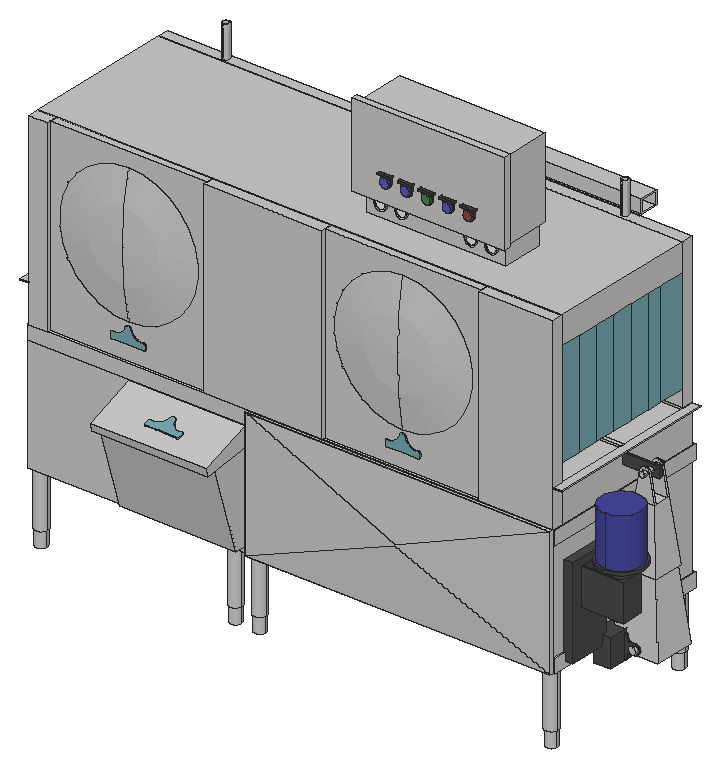
Revit family
Parameters (values of type "208/60/1")
  Width = 6' - 3 1/2"  # constant formula
  Weight in Pounds = 1350  # constant formula
  Watts = 15000 W
  Watermarked By = "http://revitwatermark.com"
  Waste Water Discharge Temperature [instance] = -459.67 °F
  Volts = 208 V
  Ventilation Remarks [instance] = ""
  URL Cutsheet = ""
  URL = "www.stero.com"
  Total Height = 5' - 10 1/2"
  Table Height = 2' - 10"
  Swing Doors [instance] = no
  Status [instance] = ""
  Standard Doors [instance] = not(Swing Doors)  # yes
  Specification by User [instance] = ""
  Specification by Manufacturer = ""
  Single Door Opening [instance] = if(Swing Doors, 2' 0", 1' 10 1/2")  # 1' - 10 1/2"
  Serial Number [instance] = ""
  Seismic Rating [instance] = ""
  SMACNA No [instance] = ""
  Right Ventilation Remarks [instance] = ""
  Right Vent [instance] = no
  Right Exhaust Volume [instance] = if(Right Vent, 400 CFM, 0 CFM)  # 0 CFM
  Right Exhaust Vent Width = 0' - 3 7/8"
  Right Exhaust Vent Text = "Vent, Unload End"  # constant formula
  Right Exhaust Vent Depth = 2' - 0 7/8"
  Right Exhaust Static Press = 0.00 in-wg
  Right Exhaust RI Height [instance] = 0' - 0"
  Right Exhaust Item Number [instance] = "-"
  Right Drain [instance] = not(Left Drain)  # yes
  Revision Code [instance] = ""
  Plumbing Remarks [instance] = ""
  Plumbing Connection Type [instance] = ""
  Phase = 1
  Number of Poles [instance] = 1
  NAFEM Spec ID Number [instance] = ""
  Model = "ER-76S"
  Masterspec = ""
  Manufacturer = "Stero"
  Machine Height = 4' - 7 1/2"
  Left Vent [instance] = no
  Left Drain [instance] = no
  Item Number [instance] = "-"
  Installed By [instance] = ""
  Indirect Waste Size = 2"
  Indirect Waste Flow [instance] = 0.00 GPM
  Indirect Waste Connection Type [instance] = ""
  Indirect Waste Connection Height = 0' - 6"
  Hot Water Usage Rack = "0.5 Gal/Rack"
  Hot Water Usage = "118 GPH"
  Hot Water Temperature = 180 °F
  Hot Water Size = 3/4"
  Hot Water RI Height [instance] = 0' - 0"
  Hot Water Minimum Pressure = 20.00 psi
  Hot Water Maximum Pressure = 20.00 psi
  Hot Water Flow = 1.97 GPM
  Hot Water Consumption = 1.97 GPM
  Hot Water Connection Height = 5' - 0"
  HP = "3.58"  # constant formula
  Furnished By [instance] = ""
  Foodservice Equipment Identifier [instance] = yes
  FL Amps = 54.2 A
  Exhaust Volume [instance] = if(Left Vent, 200 CFM, 0 CFM)  # 0 CFM
  Exhaust Vent Width = 0' - 3 7/8"
  Exhaust Vent Text = "Vent, Load End"  # constant formula
  Exhaust Vent Depth = 2' - 0 7/8"
  Exhaust Static Press = 0.00 in-wg
  Exhaust RI Height [instance] = 0' - 0"
  Electrical Remarks [instance] = ""
  Electric Connection Type [instance] = ""
  Elec Conn RI Height [instance] = 0' - 0"
  Elec Conn Connection Height = 5' - 8 1/2"
  Double Door Opening [instance] = if(Swing Doors, 3' 0", 1' 10 1/2")  # 1' - 10 1/2"
  Description = "Dishwasher, Conveyor"
  Depth = 2' - 1"
  Cycle = 60 Hz
  Conn Conduit = yes
  Cold Water Temperature Recommended [instance] = -459.67 °F
  Cold Water Size = 3/4"
  Cold Water RI Height [instance] = 0' - 0"
  Cold Water Minimum Pressure [instance] = 0.00 psi
  Cold Water Maximum Pressure [instance] = 0.00 psi
  Cold Water Flow [instance] = 0.00 GPM
  Cold Water Consumption [instance] = ""
  Cold Water Connection Height = 5' - 0"
  CSI MasterFormat = "11 48 13"
  Building Plumbing Remarks [instance] = ""
  Building Hot Water Temperature = 140 °F
  Building Hot Water Size = 3/4"
  Building Hot Water RI Height [instance] = 0' - 0"
  Building Hot Water Minimum Pressure = 20.00 psi
  Building Hot Water Maximum Pressure = 20.00 psi
  Building Hot Water Flow [instance] = 0.00 GPM
  Building Hot Water Consumption [instance] = 0.00 GPM
  Building Hot Water Connection Height = 5' - 0"
  Building HW Item Number [instance] = "-"
  Assembly Code = "E1090320"
  Apparent Power = if(Phase = 3, Volts * FL Amps * 1.73, Volts * FL Amps)  # 11273.6 VA
Reference planes (in)
  plane 1: z = 0
  plane 2 "Left of Bottom": x = 2.32772
  plane 3 "BACK": y = -48
  plane 4 "TOP": z = 70.5
  plane 5 "RIGHT": x = 46.32772
  plane 6 "FRONT": y = -73
  plane 7 "Right of Top": x = 46.07772
  plane 8 "Right of Ledge": x = 47.57772
  plane 9 "Right End Cowl": x = 56.32772
  plane 10: x = 49.39022
  plane 11 "Bottom of Machine": z = 10
  plane 12 "Table Height": z = 34
  plane 13 "Top of Machine": z = 55.5
  plane 14 "Panel Top": z = 28.5
  plane 15: z = 12
  plane 16: y = -73.5
  plane 17: y = -47.5
  plane 18: x = 2.07772
  plane 19 "Right of Bottom": x = 46.57772
  plane 20: y = -49.625
  plane 21: y = -71.375
  plane 22 "Door Center": x = 24.32772
  plane 23: x = 13.07772
  plane 24: x = 35.57772
  plane 25 "Top of Opening": z = 51.5
  plane 26: z = 2.25
  plane 27: x = 14.32772
  plane 28: x = 34.32772
  plane 29: x = 13.32772
  plane 30: x = 35.32772
  plane 31 "Front of Lower Panel": y = -66.5
  plane 32: y = -60.5
  plane 33: y = -67
  plane 34 "Back of Panel": y = -60
  plane 35 "Front of Upper Panel": y = -68
  plane 36: x = 13.82772
  plane 37: x = 34.82772
  plane 38: x = 56.20272
  plane 39: x = 53.26522
  plane 40: y = -48.0625
  plane 41: y = -72.9375
  plane 42 "Top of Vents": z = 59.5
  plane 43: x = 9.82772
  plane 44: x = 38.82772
  plane 45: y = -45
  plane 46: z = 57.5
  plane 47: y = -43
  plane 48: z = 84.5
  plane 49: x = -39.17228
  plane 50: x = -32.23478
  plane 51: x = -39.04728
  plane 52: x = -36.10978
  plane 53 "Left of Middle": x = -29.29728
  plane 54 "LEFT": x = -29.17228
  plane 55: x = -30.42228
  plane 56: x = -28.92228
  plane 57: x = -3.98478
  plane 58: x = -26.48478
  plane 59 "Left of Bin": x = -14.67228
  plane 60: z = 13.625
  plane 61: z = 8.5
  plane 62 "Drain": y = -51
  plane 63: y = -80
  plane 64: x = -26.23478
  plane 65: x = 35.32772
  plane 66: x = -4.23478
  plane 67: x = 13.32772
  plane 68: x = 22.89022
  plane 69: x = 24.26522
  plane 70: x = 24.39022
  plane 71: x = 25.76522
  plane 72: x = -5.42228
Forms (in)
  Extrusion 1, solid, material "QF_Finishes_Stainless Steel"
    sketch origin (0, 0, 10) x (0, 1, 0) y (-1, 0, 0)
      loop
        line (-47.5, -2.07772) -> (-73, -2.07772) -> (-73, -46.57772) -> (-47.5, -46.57772) -> (-47.5, -2.07772)
    from 0 to 2
  Extrusion 2, solid, material "QF_Finishes_Stainless Steel"
    sketch origin (0, 0, 28.5) x (0, 1, 0) y (-1, 0, 0)
      loop
        line (-48, -2.32772) -> (-73, -2.32772) -> (-73, -46.32772) -> (-48, -46.32772) -> (-48, -2.32772)
    from 0 to -16.5
  Extrusion 3, solid, material "QF_Finishes_Stainless Steel"
    sketch origin (0, 0, 34) x (0, 1, 0) y (-1, 0, 0)
      loop
        line (-48, -46.32772) -> (-73, -46.32772) -> (-73, -47.57772) -> (-48, -47.57772) -> (-48, -46.32772)
    from 0 to -0.125
  Extrusion 4, solid, material "QF_Finishes_Stainless Steel"
    sketch origin (0, 0, 34) x (0, 1, 0) y (-1, 0, 0)
      loop
        line (-48, 29.17228) -> (-71.375, 29.17228) -> (-71.375, -46.32772) -> (-48, -46.32772) -> (-48, 29.17228)
    from -0.25 to -5.5
  Extrusion 5, solid, material "QF_Finishes_Stainless Steel"
    sketch origin (0, 0, 34) x (0, 1, 0) y (-1, 0, 0)
      loop
        line (-60.25, 29.17228) -> (-60.75, 29.17228) -> (-60.75, -46.32772) -> (-60.25, -46.32772) -> (-60.25, 29.17228)
      loop
        line (-48, 29.17228) -> (-49.625, 29.17228) -> (-49.625, -46.32772) -> (-48, -46.32772) -> (-48, 29.17228)
    from 0 to -0.25
  Extrusion 6, solid, material "QF_Finishes_Stainless Steel"
    sketch origin (0, 0, 55.5) x (0, 1, 0) y (-1, 0, 0)
      loop
        line (-49.625, 29.17228) -> (-71.375, 29.17228) -> (-71.375, -46.32772) -> (-49.625, -46.32772) -> (-49.625, 29.17228)
    from 0 to -4
  Extrusion 7, solid, material "QF_Finishes_Stainless Steel"
    sketch origin (0, 0, 55.5) x (0, 1, 0) y (-1, 0, 0)
      loop
        line (-48, 29.17228) -> (-49.625, 29.17228) -> (-49.625, -46.32772) -> (-48, -46.32772) -> (-48, 29.17228)
    from 0 to -21.5
  Extrusion 8, solid, material "QF_Finishes_Stainless Steel"
    sketch origin (0, -73, 0) x (-1, 0, 0) y (0, 0, 1)
      loop
        line (3.98478, 55.5) -> (-13.07772, 55.5) -> (-13.07772, 28.5) -> (3.98478, 28.5) -> (3.98478, 55.5)
    from 0 to 1.625
  Blend 9, solid, material "QF_Finishes_Stainless Steel"
    base sketch origin (-15.01335, -74, 48) x (-1, 0, 0) y (0, 0, 1)
      loop
        line (-17.34107, -19.5) -> (-61.34107, -19.5) -> (-61.34107, -38) -> (-17.34107, -38) -> (-17.34107, -19.5)
    top sketch origin (-15.01335, -74, 48) x (-1, 0, 0) y (0, 0, 1)
      loop
        line (-39.37232, -28.71875) -> (-39.37232, -28.78125) -> (-39.30982, -28.78125) -> (-39.30982, -28.71875) -> (-39.37232, -28.71875)
    from 0.5 to 0
  Extrusion 10, solid, material "QF_Finishes_Stainless Steel"
    sketch origin (0, 0, 10) x (0, 1, 0) y (-1, 0, 0)
      loop
        line (-73, -2.32772) -> (-73.5, -2.32772) -> (-73.5, -46.32772) -> (-73, -46.32772) -> (-73, -2.32772)
    from 0 to 18.5
  Extrusion 11, solid, material "QF_Finishes_Stainless Steel"
    sketch origin (0, -73, 0) x (-1, 0, 0) y (0, 0, 1)
      loop
        line (-35.57772, 55.5) -> (-46.32772, 55.5) -> (-46.32772, 28.5) -> (-35.57772, 28.5) -> (-35.57772, 55.5)
    from 0 to 1.625
  Extrusion 12, solid, material "QF_Finishes_Stainless Steel", visible <- "Standard Doors"
    sketch origin (0, 0, 55.5) x (0, 1, 0) y (-1, 0, 0)
      loop
        line (-71.375, -13.07772) -> (-72.5, -13.07772) -> (-72.5, -35.57772) -> (-71.375, -35.57772) -> (-71.375, -13.07772)
    from 0 to -27
  Revolve 13, solid, material "QF_Finishes_Stainless Steel", visible <- "Standard Doors"
    sketch origin (24.32772, 0, 0) x (0, 1, 0) y (0, 0, 1)
      loop
        line (-72.5, 43.5) -> (-72.5, 53.5)
        arc (-72.5, 53.5) -> (-73.26244, 48.52624) -> (-73.5, 43.5) r 48
        line (-73.5, 43.5) -> (-72.5, 43.5)
      axis (-72.5, 43.5) -> (-73.5, 43.5)
    angle from 0 to 360
  Extrusion 14, solid, material "QF_Finishes_Stainless Steel"
    sketch origin (0, 0, 0) x (1, 0, 0) y (0, 1, 0)
      loop
        circle (3.32772, -49) r 0.8125
    from 0 to 2.25
  Extrusion 15, solid, material "QF_Finishes_Stainless Steel"
    sketch origin (0, 0, 0) x (1, 0, 0) y (0, 1, 0)
      loop
        circle (3.32772, -49) r 0.9375
    from 2.25 to 10
  Extrusion 16, solid, material "QF_Finishes_Stainless Steel"
    sketch origin (48.65544, 0, 0) x (-1, 0, 0) y (0, -1, 0)
      loop
        circle (3.32772, 49) r 0.8125
    from 0 to 2.25
  Extrusion 17, solid, material "QF_Finishes_Stainless Steel"
    sketch origin (48.65544, 0, 0) x (-1, 0, 0) y (0, -1, 0)
      loop
        circle (3.32772, 49) r 0.9375
    from 2.25 to 10
  Extrusion 18, solid, material "QF_Finishes_Stainless Steel"
    sketch origin (0, -121, 0) x (1, 0, 0) y (0, 1, 0)
      loop
        circle (3.32772, 49) r 0.8125
    from 0 to 2.25
  Extrusion 19, solid, material "QF_Finishes_Stainless Steel"
    sketch origin (0, -121, 0) x (1, 0, 0) y (0, 1, 0)
      loop
        circle (3.32772, 49) r 0.9375
    from 2.25 to 10
  Extrusion 20, solid, material "QF_Finishes_Stainless Steel"
    sketch origin (48.65544, -121, 0) x (-1, 0, 0) y (0, -1, 0)
      loop
        circle (3.32772, -49) r 0.8125
    from 0 to 2.25
  Extrusion 21, solid, material "QF_Finishes_Stainless Steel"
    sketch origin (48.65544, -121, 0) x (-1, 0, 0) y (0, -1, 0)
      loop
        circle (3.32772, -49) r 0.9375
    from 2.25 to 10
  Extrusion 22, solid, material "QF_Finishes_Light Blue"
    sketch origin (0, 0, 51.5) x (0, 1, 0) y (-1, 0, 0)
      loop
        line (-49.625, -46.32772) -> (-49.625, -46.20272) -> (-53.625, -46.20272) -> (-53.625, -46.32772) -> (-49.625, -46.32772)
      loop
        line (-53.75, -46.32772) -> (-53.75, -46.20272) -> (-55.75, -46.20272) -> (-55.75, -46.32772) -> (-53.75, -46.32772)
      loop
        line (-55.875, -46.32772) -> (-55.875, -46.20272) -> (-58.875, -46.20272) -> (-58.875, -46.32772) -> (-55.875, -46.32772)
      loop
        line (-59, -46.32772) -> (-59, -46.20272) -> (-62, -46.20272) -> (-62, -46.32772) -> (-59, -46.32772)
      loop
        line (-62.125, -46.32772) -> (-62.125, -46.20272) -> (-65.125, -46.20272) -> (-65.125, -46.32772) -> (-62.125, -46.32772)
      loop
        line (-65.25, -46.32772) -> (-65.25, -46.20272) -> (-68.25, -46.20272) -> (-68.25, -46.32772) -> (-65.25, -46.32772)
      loop
        line (-68.375, -46.32772) -> (-68.375, -46.20272) -> (-71.375, -46.20272) -> (-71.375, -46.32772) -> (-68.375, -46.32772)
    from 0 to -15
  Extrusion 23, solid, material "QF_Finishes_Stainless Steel"
    sketch origin (0, 0, 55.5) x (0, 1, 0) y (-1, 0, 0)
      loop
        line (-60.5, -14.32772) -> (-66.5, -14.32772) -> (-66.5, -34.32772) -> (-60.5, -34.32772) -> (-60.5, -14.32772)
    from 0 to 3.5
  Extrusion 24, solid, material "QF_Finishes_Stainless Steel"
    sketch origin (0, 0, 55.5) x (0, 1, 0) y (-1, 0, 0)
      loop
        line (-60, -13.82772) -> (-67, -13.82772) -> (-67, -34.82772) -> (-60, -34.82772) -> (-60, -13.82772)
    from 3 to 14.5
  Extrusion 25, solid, material "QF_Finishes_Stainless Steel"
    sketch origin (0, 0, 55.5) x (0, 1, 0) y (-1, 0, 0)
      loop
        line (-67, -13.32772) -> (-68, -13.32772) -> (-68, -35.32772) -> (-67, -35.32772) -> (-67, -13.32772)
    from 3 to 15
  Extrusion 26, solid, material "QF_Finishes_Stainless Steel"
    sketch origin (0, -66.5, 0) x (-1, 0, 0) y (0, 0, 1)
      loop
        circle (-16.32772, 57.25) r 0.75
      loop
        circle (-16.32772, 57.25) r 0.875
    from 0 to -0.125
  Extrusion 27, solid, material "QF_Finishes_White"
    sketch origin (0, -66.5, 0) x (-1, 0, 0) y (0, 0, 1)
      loop
        circle (-16.32772, 57.25) r 0.75
    from 0 to -0.0625
  Extrusion 28, solid, material "QF_Finishes_Stainless Steel"
    sketch origin (48.65544, -66.5, 0) x (1, 0, 0) y (0, 0, -1)
      loop
        circle (-16.32772, -57.25) r 0.75
      loop
        circle (-16.32772, -57.25) r 0.875
    from 0 to -0.125
  Extrusion 29, solid, material "QF_Finishes_White"
    sketch origin (48.65544, -66.5, 0) x (1, 0, 0) y (0, 0, -1)
      loop
        circle (-16.32772, -57.25) r 0.75
    from 0 to -0.0625
  Extrusion 30, solid, material "QF_Finishes_Black"
    sketch origin (1.5, -68, 0) x (-1, 0, 0) y (0, 0, 1)
      loop
        line (-23.82772, 62.5) -> (-23.82772, 62.25) -> (-21.82772, 62.25) -> (-21.82772, 62.5) -> (-23.82772, 62.5)
      loop
        line (-20.82772, 62.5) -> (-20.82772, 62.25) -> (-18.82772, 62.25) -> (-18.82772, 62.5) -> (-20.82772, 62.5)
      loop
        line (-24.82772, 62.5) -> (-26.82772, 62.5) -> (-26.82772, 62.25) -> (-24.82772, 62.25) -> (-24.82772, 62.5)
      loop
        line (-27.82772, 62.5) -> (-29.82772, 62.5) -> (-29.82772, 62.25) -> (-27.82772, 62.25) -> (-27.82772, 62.5)
      loop
        line (-17.82772, 62.5) -> (-17.82772, 62.25) -> (-15.82772, 62.25) -> (-15.82772, 62.5) -> (-17.82772, 62.5)
    from 0 to -0.5
  Extrusion 31, solid, material "QF_Finishes_Navy Blue"
    sketch origin (1.5, -68, 0) x (-1, 0, 0) y (0, 0, 1)
      loop
        circle (-19.82772, 61.375) r 0.625
    from -0.125 to -0.375
  Extrusion 32, solid, material "QF_Finishes_LED Green"
    sketch origin (4.5, -68, 0) x (-1, 0, 0) y (0, 0, 1)
      loop
        circle (-19.82772, 61.375) r 0.625
    from -0.125 to -0.375
  Extrusion 33, solid, material "QF_Finishes_Navy Blue"
    sketch origin (7.5, -68, 0) x (-1, 0, 0) y (0, 0, 1)
      loop
        circle (-19.82772, 61.375) r 0.625
    from -0.125 to -0.375
  Extrusion 34, solid, material "QF_Finishes_LED Red"
    sketch origin (10.5, -68, 0) x (-1, 0, 0) y (0, 0, 1)
      loop
        circle (-19.82772, 61.375) r 0.625
    from -0.125 to -0.375
  Extrusion 35, solid, material "QF_Finishes_Black"
    sketch origin (1.5, -68, 0) x (-1, 0, 0) y (0, 0, 1)
      loop
        arc (-20.57772, 61.375) -> (-19.82772, 60.625) -> (-19.07772, 61.375) r 0.75
        line (-19.07772, 61.375) -> (-19.07772, 62.25) -> (-20.57772, 62.25) -> (-20.57772, 61.375)
      loop
        arc (-23.57772, 61.375) -> (-22.82772, 60.625) -> (-22.07772, 61.375) r 0.75
        line (-22.07772, 61.375) -> (-22.07772, 62.25) -> (-23.57772, 62.25) -> (-23.57772, 61.375)
      loop
        arc (-26.57772, 61.375) -> (-25.82772, 60.625) -> (-25.07772, 61.375) r 0.75
        line (-25.07772, 61.375) -> (-25.07772, 62.25) -> (-26.57772, 62.25) -> (-26.57772, 61.375)
      loop
        arc (-29.57772, 61.375) -> (-28.82772, 60.625) -> (-28.07772, 61.375) r 0.75
        line (-28.07772, 61.375) -> (-28.07772, 62.25) -> (-29.57772, 62.25) -> (-29.57772, 61.375)
      loop
        arc (-17.57772, 61.375) -> (-16.82772, 60.625) -> (-16.07772, 61.375) r 0.75
        line (-16.07772, 61.375) -> (-16.07772, 62.25) -> (-17.57772, 62.25) -> (-17.57772, 61.375)
    from 0 to -0.125
  Extrusion 36, solid, material "QF_Finishes_Light Blue", visible <- "Standard Doors"
    sketch origin (0, -73, 0) x (-1, 0, 0) y (0, 0, 1)
      loop
        line (-23.71645, 30.65632) -> (-22.08461, 30.57309)
        arc (-22.08461, 30.57309) -> (-21.90443, 30.64773) -> (-21.82979, 30.82792) r 0.25483
        line (-21.82979, 30.82792) -> (-21.82979, 31.31285)
        arc (-21.82979, 31.31285) -> (-21.90343, 31.49062) -> (-22.08121, 31.56426) r 0.25142
        arc (-22.08121, 31.56426) -> (-23.22593, 31.7803) -> (-23.90311, 32.72819) r 1.56264
        arc (-23.90311, 32.72819) -> (-24.31726, 33.06213) -> (-24.74741, 32.74907) r 0.43733
        arc (-24.74741, 32.74907) -> (-25.42049, 31.78611) -> (-26.57423, 31.56426) r 1.56264
        arc (-26.57423, 31.56426) -> (-26.75201, 31.49062) -> (-26.82565, 31.31285) r 0.25142
        line (-26.82565, 31.31285) -> (-26.82565, 30.82792)
        arc (-26.82565, 30.82792) -> (-26.75101, 30.64773) -> (-26.57082, 30.57309) r 0.25483
        line (-26.57082, 30.57309) -> (-24.93898, 30.65632)
        arc (-24.93898, 30.65632) -> (-24.32772, 30.6719) -> (-23.71645, 30.65632) r 12
    from 0.5 to 0.4375
  Extrusion 37, solid, material "QF_Finishes_Stainless Steel", visible <- "Right Vent"
    sketch origin (46.07772, 0, 0) x (0, -1, 0) y (0, 0, 1)
      loop
        line (73, 55.5) -> (48, 55.5) -> (48, 50.5625) -> (49.625, 48.9375) -> (49.625, 49.11428) -> (48.125, 50.61428) -> (48.125, 55.375) -> (72.875, 55.375) -> (72.875, 39.17678) -> (71.375, 37.67678) -> (71.375, 37.5) -> (73, 39.125) -> (73, 55.5)
    from -0.25 to -10.125
  Extrusion 38, solid, material "QF_Finishes_Stainless Steel", visible <- "Right Vent"
    sketch origin (56.32772, 0, 0) x (0, 1, 0) y (0, 0, 1)
      loop
        line (-71.375, 37.5) -> (-71.375, 51.5) -> (-49.625, 51.5) -> (-49.625, 48.9375) -> (-48, 50.5625) -> (-48, 55.5) -> (-73, 55.5) -> (-73, 39.125) -> (-71.375, 37.5)
    from 0 to -0.125
  Extrusion 39, solid, material "QF_Finishes_Stainless Steel", visible <- "Right Vent"
    sketch origin (48.65544, 0, 55.5) x (0, 1, 0) y (-1, 0, 0)
      loop
        line (-48.0625, -4.60978) -> (-48.0625, -0.73478) -> (-72.9375, -0.73478) -> (-72.9375, -4.60978) -> (-48.0625, -4.60978)
      loop
        line (-48.1875, -4.48478) -> (-48.1875, -0.85978) -> (-72.8125, -0.85978) -> (-72.8125, -4.48478) -> (-48.1875, -4.48478)
    from 0 to 4
  Extrusion 40, void
    sketch origin (0, 0, 55.5) x (0, 1, 0) y (-1, 0, 0)
      loop
        line (-48.1875, -49.51522) -> (-72.8125, -49.51522) -> (-72.8125, -53.14022) -> (-48.1875, -53.14022) -> (-48.1875, -49.51522)
    from 0 to -0.125
  Extrusion 41, solid, material "QF_Finishes_Black"
    sketch origin (0, -73, 0) x (-1, 0, 0) y (0, 0, 1)
      loop
        line (-46.57772, 12) -> (-46.32772, 12) -> (-46.32772, 23.9375) -> (-47.70272, 23.9375) -> (-47.70272, 10.9375) -> (-46.57772, 10.9375) -> (-46.57772, 12)
    from 1.8125 to 7.8125
  Extrusion 42, solid, material "QF_Finishes_Black"
    sketch origin (0, 0, 10) x (0, 1, 0) y (-1, 0, 0)
      loop
        circle (-68.1875, -52.32772) r 1.0625
    from 7.1875 to 7.6875
  Extrusion 43, solid, material "QF_Finishes_Black"
    sketch origin (0, 0, 10) x (0, 1, 0) y (-1, 0, 0)
      loop
        circle (-68.1875, -52.32772) r 1.3125
    from 12.9375 to 13.4375
  Blend 44, solid, material "QF_Finishes_Black"
    base sketch origin (0, 0, 10) x (0, 1, 0) y (-1, 0, 0)
      loop
        circle (-68.1875, -52.32772) r 1.3125
    top sketch origin (0, 0, 10) x (0, 1, 0) y (-1, 0, 0)
      loop
        circle (-68.1875, -52.32772) r 2.0625
    from 13.4375 to 14.4375
  Extrusion 45, solid, material "QF_Finishes_Black"
    sketch origin (0, 0, 10) x (0, 1, 0) y (-1, 0, 0)
      loop
        circle (-68.1875, -52.32772) r 3.25
    from 14.4375 to 14.8125
  Extrusion 46, solid, material "QF_Finishes_Blue"
    sketch origin (0, 0, 10) x (0, 1, 0) y (-1, 0, 0)
      loop
        circle (-68.1875, -52.32772) r 2.875
    from 14.8125 to 21.9375
  Extrusion 47, solid, material "QF_Finishes_Black"
    sketch origin (0, -73, 0) x (-1, 0, 0) y (0, 0, 1)
      loop
        line (-46.32772, 33.1875) -> (-51.82772, 33.1875) -> (-51.82772, 31.6875) -> (-46.32772, 31.6875) -> (-46.32772, 33.1875)
      loop
        circle (-50.57772, 32.4375) r 0.375
    from 12.3125 to 12.6875
  Extrusion 48, solid, material "QF_Finishes_Black"
    sketch origin (0, -73, 0) x (-1, 0, 0) y (0, 0, 1)
      loop
        line (-46.32772, 12) -> (-46.32772, 12.4375) -> (-49.07772, 12.4375) -> (-49.07772, 8.4375) -> (-46.57772, 8.4375) -> (-46.57772, 12) -> (-46.32772, 12)
    from 7 to 18
  Extrusion 49, solid, material "QF_Finishes_Black"
    sketch origin (0, -73, 0) x (-1, 0, 0) y (0, 0, 1)
      loop
        line (-49.07772, 12.125) -> (-49.32772, 12.125)
        arc (-49.32772, 12.125) -> (-49.5045, 12.05178) -> (-49.57772, 11.875) r 0.25
        line (-49.57772, 11.875) -> (-49.57772, 11.5625)
        arc (-49.57772, 11.5625) -> (-49.68755, 11.29733) -> (-49.95272, 11.1875) r 0.375
        line (-49.95272, 11.1875) -> (-50.57772, 11.1875)
        arc (-50.57772, 11.1875) -> (-51.32772, 10.4375) -> (-50.57772, 9.6875) r 0.75
        line (-50.57772, 9.6875) -> (-49.95272, 9.6875)
        arc (-49.95272, 9.6875) -> (-49.68755, 9.57767) -> (-49.57772, 9.3125) r 0.375
        line (-49.57772, 9.3125) -> (-49.57772, 9)
        arc (-49.57772, 9) -> (-49.5045, 8.82322) -> (-49.32772, 8.75) r 0.25
        line (-49.32772, 8.75) -> (-49.07772, 8.75) -> (-49.07772, 12.125)
      loop
        circle (-50.57772, 10.4375) r 0.5
    from 9.375 to 9.5
  Extrusion 50, solid, material "QF_Finishes_Black"
    sketch origin (0, -66.875, 0) x (-1, 0, 0) y (0, 0, 1)
      loop
        line (-49.07772, 12.125) -> (-49.32772, 12.125)
        arc (-49.32772, 12.125) -> (-49.5045, 12.05178) -> (-49.57772, 11.875) r 0.25
        line (-49.57772, 11.875) -> (-49.57772, 11.5625)
        arc (-49.57772, 11.5625) -> (-49.68755, 11.29733) -> (-49.95272, 11.1875) r 0.375
        line (-49.95272, 11.1875) -> (-50.57772, 11.1875)
        arc (-50.57772, 11.1875) -> (-51.32772, 10.4375) -> (-50.57772, 9.6875) r 0.75
        line (-50.57772, 9.6875) -> (-49.95272, 9.6875)
        arc (-49.95272, 9.6875) -> (-49.68755, 9.57767) -> (-49.57772, 9.3125) r 0.375
        line (-49.57772, 9.3125) -> (-49.57772, 9)
        arc (-49.57772, 9) -> (-49.5045, 8.82322) -> (-49.32772, 8.75) r 0.25
        line (-49.32772, 8.75) -> (-49.07772, 8.75) -> (-49.07772, 12.125)
      loop
        circle (-50.57772, 10.4375) r 0.5
    from 9.375 to 9.5
  Extrusion 51, solid, material "QF_Finishes_Stainless Steel"
    sketch origin (0, -73, 0) x (-1, 0, 0) y (0, 0, 1)
      loop
        circle (-50.57772, 32.4375) r 0.375
      loop
        line (-51.31584, 32.57045) -> (-52.01522, 28.6875) -> (-49.14022, 28.6875) -> (-49.8396, 32.57045)
        arc (-49.8396, 32.57045) -> (-50.57772, 33.1875) -> (-51.31584, 32.57045) r 0.75
    from 11.25 to 11.375
  Extrusion 52, solid, material "QF_Finishes_Stainless Steel"
    sketch origin (0, -48, 0) x (-1, 0, 0) y (0, 0, -1)
      loop
        circle (-50.57772, -32.4375) r 0.375
      loop
        arc (-51.31584, -32.57045) -> (-50.57772, -33.1875) -> (-49.8396, -32.57045) r 0.75
        line (-49.8396, -32.57045) -> (-49.14022, -28.6875) -> (-52.01522, -28.6875) -> (-51.31584, -32.57045)
    from 11.25 to 11.375
  Extrusion 53, solid, material "QF_Finishes_Stainless Steel"
    sketch origin (0, -73, 0) x (-1, 0, 0) y (0, 0, 1)
      loop
        circle (-50.57772, 32.4375) r 0.375
    from 10.75 to 14.25
  Blend 54, solid, material "QF_Finishes_Stainless Steel"
    base sketch origin (0, 0, 34) x (0, 1, 0) y (-1, 0, 0)
      loop
        line (-58.25, -47.89022) -> (-62.75, -47.89022) -> (-62.75, -53.01522) -> (-58.25, -53.01522) -> (-58.25, -47.89022)
    top sketch origin (0, 0, 34) x (0, 1, 0) y (-1, 0, 0)
      loop
        line (-59.25, -49.14022) -> (-61.75, -49.14022) -> (-61.75, -52.01522) -> (-59.25, -52.01522) -> (-59.25, -49.14022)
    from -14.0625 to -5.3125
  Blend 55, solid, material "QF_Finishes_Stainless Steel"
    base sketch origin (0, 0, 25.25) x (0, 1, 0) y (-1, 0, 0)
      loop
        line (-57.5, -47.14022) -> (-63.5, -47.14022) -> (-63.5, -53.76522) -> (-57.5, -53.76522) -> (-57.5, -47.14022)
    top sketch origin (0, 0, 25.25) x (0, 1, 0) y (-1, 0, 0)
      loop
        line (-58.5, -48.14022) -> (-62.5, -48.14022) -> (-62.5, -52.76522) -> (-58.5, -52.76522) -> (-58.5, -48.14022)
    from -15.5625 to -5.3125
  Extrusion 56, solid, material "QF_Finishes_Stainless Steel"
    sketch origin (0, -73, -22) x (-1, 0, 0) y (0, 0, 1)
      loop
        circle (-50.57772, 32.4375) r 0.5
    from 9 to 16
  Extrusion 57, solid, material "QF_Finishes_Stainless Steel"
    sketch origin (0, 0, 55.5) x (0, 1, 0) y (-1, 0, 0)
      loop
        circle (-48.75, -37.32772) r 0.375
      loop
        circle (-48.75, -37.32772) r 0.5
    from 0 to 4.5
  Extrusion 58, solid, material "QF_Finishes_Stainless Steel"
    sketch origin (2.32772, 0, 0) x (0, 1, 0) y (0, 0, 1)
      loop
        line (-45, 57.5) -> (-47.75, 57.5) -> (-47.75, 55.5) -> (-45, 55.5) -> (-45, 57.5)
      loop
        line (-45.125, 57.375) -> (-47.625, 57.375) -> (-47.625, 55.625) -> (-45.125, 55.625) -> (-45.125, 57.375)
    from 7.5 to 36.5
  Extrusion 59, solid, material "QF_Finishes_Stainless Steel"
    sketch origin (2.32772, 0, 0) x (0, 1, 0) y (0, 0, 1)
      loop
        line (-47.75, 55.5) -> (-47.75, 55.625) -> (-48, 55.625) -> (-48, 55.5) -> (-47.75, 55.5)
    from 7.5 to 36.5
  Extrusion 60, solid, material "QF_Finishes_Stainless Steel"
    sketch origin (0, -60, 0) x (-1, 0, 0) y (0, 0, 1)
      loop
        circle (-34.32772, 68.5) r 0.25
    from 0 to 0.0625
  Extrusion 61, solid, material "QF_Finishes_Stainless Steel"
    sketch origin (0, -1, 10) x (0, 1, 0) y (-1, 0, 0)
      loop
        circle (-50, -18.32772) r 1
      loop
        circle (-50, -18.32772) r 1.125
    from 0 to -4
  Extrusion 62, solid, material "QF_Finishes_Clearance", detail levels coarse
    sketch origin (0, 0, 0) x (1, 0, 0) y (0, 1, 0)
      loop
        line (-30.42228, -47.5) -> (9.82772, -47.5) -> (9.82772, -45) -> (38.82772, -45) -> (38.82772, -47.5) -> (47.57772, -47.5) -> (47.57772, -43) -> (-30.42228, -43) -> (-30.42228, -47.5)
    from 0 to 70.5
  Extrusion 63, solid, material "QF_Finishes_Clearance", visible <- "Standard Doors", detail levels coarse
    sketch origin (0, -73, 0) x (-1, 0, 0) y (0, 0, 1)
      loop
        line (-13.07772, 84.5) -> (-35.57772, 84.5) -> (-35.57772, 55.5) -> (-13.07772, 55.5) -> (-13.07772, 84.5)
    from 0 to 1.625
  Extrusion 64, solid, material "QF_Finishes_Clearance", visible <- "Right Vent", detail levels coarse
    sketch origin (0, 0, 0) x (1, 0, 0) y (0, 1, 0)
      loop
        line (47.57772, -43) -> (47.57772, -47.5) -> (56.32772, -47.5) -> (56.32772, -43) -> (47.57772, -43)
    from 0 to 70.5
  Extrusion 65, solid, material "QF_Finishes_Stainless Steel"
    sketch origin (3, -66.5, 0) x (-1, 0, 0) y (0, 0, 1)
      loop
        circle (-16.32772, 57.25) r 0.75
      loop
        circle (-16.32772, 57.25) r 0.875
    from 0 to -0.125
  Extrusion 66, solid, material "QF_Finishes_White"
    sketch origin (3, -66.5, 0) x (-1, 0, 0) y (0, 0, 1)
      loop
        circle (-16.32772, 57.25) r 0.75
    from 0 to -0.0625
  Extrusion 67, solid, material "QF_Finishes_Stainless Steel"
    sketch origin (45.65544, -66.5, 0) x (1, 0, 0) y (0, 0, -1)
      loop
        circle (-16.32772, -57.25) r 0.75
      loop
        circle (-16.32772, -57.25) r 0.875
    from 0 to -0.125
  Extrusion 68, solid, material "QF_Finishes_White"
    sketch origin (45.65544, -66.5, 0) x (1, 0, 0) y (0, 0, -1)
      loop
        circle (-16.32772, -57.25) r 0.75
    from 0 to -0.0625
  Extrusion 69, solid, material "QF_Finishes_Stainless Steel", visible <- "Left Vent"
    sketch origin (-19.17228, 0, 0) x (0, 1, 0) y (0, 0, 1)
      loop
        line (-73, 55.5) -> (-73, 39.125) -> (-71.375, 37.5) -> (-71.375, 37.67678) -> (-72.875, 39.17678) -> (-72.875, 55.375) -> (-48.125, 55.375) -> (-48.125, 50.61428) -> (-49.625, 49.11428) -> (-49.625, 48.9375) -> (-48, 50.5625) -> (-48, 55.5) -> (-73, 55.5)
    from -10 to -19.875
  Extrusion 70, solid, material "QF_Finishes_Stainless Steel", visible <- "Left Vent"
    sketch origin (-39.17228, 0, 0) x (0, 1, 0) y (0, 0, 1)
      loop
        line (-71.375, 37.5) -> (-71.375, 51.5) -> (-49.625, 51.5) -> (-49.625, 48.9375) -> (-48, 50.5625) -> (-48, 55.5) -> (-73, 55.5) -> (-73, 39.125) -> (-71.375, 37.5)
    from 0 to 0.125
  Extrusion 71, solid, material "QF_Finishes_Stainless Steel", visible <- "Left Vent"
    sketch origin (-21.75, 0, 55.5) x (0, 1, 0) y (-1, 0, 0)
      loop
        line (-48.0625, 14.35978) -> (-72.9375, 14.35978) -> (-72.9375, 10.48478) -> (-48.0625, 10.48478) -> (-48.0625, 14.35978)
      loop
        line (-48.1875, 14.23478) -> (-72.8125, 14.23478) -> (-72.8125, 10.60978) -> (-48.1875, 10.60978) -> (-48.1875, 14.23478)
    from 0 to 4
  Extrusion 72, solid, material "QF_Finishes_Clearance", visible <- "Left Vent", detail levels coarse
    sketch origin (-21.75, 0, 0) x (1, 0, 0) y (0, 1, 0)
      loop
        line (-17.42228, -43) -> (-17.42228, -47.5) -> (-8.67228, -47.5) -> (-8.67228, -43) -> (-17.42228, -43)
    from 0 to 70.5
  Extrusion 73, solid, material "QF_Finishes_Stainless Steel"
    sketch origin (-21.5, 0, 34) x (0, 1, 0) y (-1, 0, 0)
      loop
        line (-48, 7.67228) -> (-48, 8.92228) -> (-73, 8.92228) -> (-73, 7.67228) -> (-48, 7.67228)
    from 0 to -0.125
  Extrusion 74, solid, material "QF_Finishes_Stainless Steel"
    sketch origin (0, 0, 26.5) x (0, 1, 0) y (-1, 0, 0)
      loop
        line (-47.5, 29.29728) -> (-73, 29.29728) -> (-73, -46.57772) -> (-47.5, -46.57772) -> (-47.5, 29.29728)
    from 0 to 2
  Extrusion 75, solid, material "QF_Finishes_Light Blue"
    sketch origin (27.15544, 0, 51.5) x (0, 1, 0) y (-1, 0, 0)
      loop
        line (-49.625, 56.32772) -> (-53.625, 56.32772) -> (-53.625, 56.20272) -> (-49.625, 56.20272) -> (-49.625, 56.32772)
      loop
        line (-53.75, 56.32772) -> (-55.75, 56.32772) -> (-55.75, 56.20272) -> (-53.75, 56.20272) -> (-53.75, 56.32772)
      loop
        line (-55.875, 56.32772) -> (-58.875, 56.32772) -> (-58.875, 56.20272) -> (-55.875, 56.20272) -> (-55.875, 56.32772)
      loop
        line (-59, 56.32772) -> (-62, 56.32772) -> (-62, 56.20272) -> (-59, 56.20272) -> (-59, 56.32772)
      loop
        line (-62.125, 56.32772) -> (-65.125, 56.32772) -> (-65.125, 56.20272) -> (-62.125, 56.20272) -> (-62.125, 56.32772)
      loop
        line (-65.25, 56.32772) -> (-68.25, 56.32772) -> (-68.25, 56.20272) -> (-65.25, 56.20272) -> (-65.25, 56.32772)
      loop
        line (-68.375, 56.32772) -> (-71.375, 56.32772) -> (-71.375, 56.20272) -> (-68.375, 56.20272) -> (-68.375, 56.32772)
    from 0 to -15
  Extrusion 76, solid, material "QF_Finishes_Stainless Steel"
    sketch origin (-18.9375, -73, 0) x (-1, 0, 0) y (0, 0, 1)
      loop
        line (10.23478, 55.5) -> (7.54728, 55.5) -> (7.54728, 28.5) -> (10.23478, 28.5) -> (10.23478, 55.5)
    from 0 to 1.625
  Extrusion 77, solid, material "QF_Finishes_Stainless Steel", visible <- "Standard Doors"
    sketch origin (-32.6875, 0, 55.5) x (0, 1, 0) y (-1, 0, 0)
      loop
        line (-71.375, -6.20272) -> (-72.5, -6.20272) -> (-72.5, -28.70272) -> (-71.375, -28.70272) -> (-71.375, -6.20272)
    from 0 to -27
  Extrusion 78, solid, material "QF_Finishes_Clearance", visible <- "Standard Doors", detail levels coarse
    sketch origin (-32.6875, -73, 0) x (-1, 0, 0) y (0, 0, 1)
      loop
        line (-6.20272, 84.5) -> (-28.70272, 84.5) -> (-28.70272, 55.5) -> (-6.20272, 55.5) -> (-6.20272, 84.5)
    from 0.5 to 1.625
  Extrusion 79, solid, material "QF_Finishes_Stainless Steel"
    sketch origin (0, -73, 0) x (-1, 0, 0) y (0, 0, 1)
      loop
        line (29.29728, 26.5) -> (-2.07772, 26.5) -> (-2.07772, 10) -> (29.29728, 10) -> (29.29728, 26.5)
    from 0 to 25
  Extrusion 80, solid, material "QF_Finishes_Stainless Steel"
    sketch origin (-14.67228, 0, 0) x (0, 1, 0) y (0, 0, 1)
      loop
        line (-73, 10.9375) -> (-73, 23.75) -> (-78.50369, 23.01085) -> (-74.8125, 10.9375) -> (-73, 10.9375)
    from 0 to 16.75
  Extrusion 81, solid, material "QF_Finishes_Stainless Steel"
    sketch origin (-14.67228, 0, 0) x (0, 1, 0) y (0, 0, 1)
      loop
        line (-73, 23.75) -> (-73, 26.4375) -> (-80, 23.88971) -> (-79.75188, 22.84321) -> (-73, 23.75)
    from 0 to 16.75
  Extrusion 82, solid, material "QF_Finishes_Navy Blue"
    sketch origin (-1.5, -68, 0) x (-1, 0, 0) y (0, 0, 1)
      loop
        circle (-19.82772, 61.375) r 0.625
    from -0.125 to -0.375
  Extrusion 83, solid, material "QF_Finishes_Stainless Steel"
    sketch origin (-30, 0, 55.5) x (0, 1, 0) y (-1, 0, 0)
      loop
        circle (-48.75, -38.82772) r 0.375
      loop
        circle (-48.75, -38.82772) r 0.5
    from 0 to 4.5
  Extrusion 84, solid, material "QF_Finishes_Stainless Steel"
    sketch origin (-50.5, 0, 55.5) x (0, 1, 0) y (-1, 0, 0)
      loop
        circle (-48.75, -30.32772) r 0.375
      loop
        circle (-48.75, -30.32772) r 0.5
    from 0 to 4.5
  Sweep 85, solid, material "QF_Finishes_Stainless Steel"
    path origin (0, -51, 0) x (-1, 0, 0) y (0, 0, 1)
      loop
        line (-18.32772, 8.5) -> (16.54728, 8.5)
        arc (16.54728, 8.5) -> (17.9615, 9.08579) -> (18.54728, 10.5) r 2
        line (18.54728, 10.5) -> (18.54728, 10.9375)
    profile origin (0.89022, -51, 8.5) x (0, 0, 1) y (0, 1, 0)
      loop
        circle (0, 0) r 1
      loop
        circle (0, 0) r 1.125
  Extrusion 86, solid, material "QF_Finishes_Stainless Steel"
    sketch origin (-21.75, 0, 10) x (0, 1, 0) y (-1, 0, 0)
      loop
        circle (-51, -14.57772) r 1
      loop
        circle (-51, -14.57772) r 1.125
    from -1.5 to -4
  Extrusion 87, solid, material "QF_Finishes_Stainless Steel", visible <- "Right Drain"
    sketch origin (-1.4375, 0, 0) x (1, 0, 0) y (0, 1, 0)
      loop
        circle (-5.73478, -51) r 1
    from 6 to 6.25
  Extrusion 88, solid, material "QF_Finishes_Stainless Steel", visible <- "Left Drain"
    sketch origin (0, -1, 0) x (1, 0, 0) y (0, 1, 0)
      loop
        circle (18.32772, -50) r 1
    from 6 to 6.25
  Extrusion 89, void
    sketch origin (0, 0, 55.5) x (0, 1, 0) y (-1, 0, 0)
      loop
        line (-48.1875, 35.98478) -> (-72.8125, 35.98478) -> (-72.8125, 32.35978) -> (-48.1875, 32.35978) -> (-48.1875, 35.98478)
    from 0 to -0.125
  Revolve 90, solid, material "QF_Finishes_Stainless Steel", visible <- "Standard Doors"
    sketch origin (-15.23478, -19.02724, 48) x (0, 1, 0) y (0, 0, 1)
      loop
        line (-53.47276, -4.5) -> (-53.47276, 5.5)
        arc (-53.47276, 5.5) -> (-54.2352, 0.52624) -> (-54.47276, -4.5) r 48
        line (-54.47276, -4.5) -> (-53.47276, -4.5)
      axis (-53.47276, -4.5) -> (-54.47276, -4.5)
    angle from 0 to 360
  Extrusion 91, solid, material "QF_Finishes_Stainless Steel"
    sketch origin (-3.5, 0, 0) x (1, 0, 0) y (0, 1, 0)
      loop
        circle (3.32772, -49) r 0.8125
    from 0 to 2.25
  Extrusion 92, solid, material "QF_Finishes_Stainless Steel"
    sketch origin (-3.5, 0, 0) x (1, 0, 0) y (0, 1, 0)
      loop
        circle (3.32772, -49) r 0.9375
    from 2.25 to 10
  Extrusion 93, solid, material "QF_Finishes_Stainless Steel"
    sketch origin (-3.5, -121, 0) x (1, 0, 0) y (0, 1, 0)
      loop
        circle (3.32772, 49) r 0.8125
    from 0 to 2.25
  Extrusion 94, solid, material "QF_Finishes_Stainless Steel"
    sketch origin (-3.5, -121, 0) x (1, 0, 0) y (0, 1, 0)
      loop
        circle (3.32772, 49) r 0.9375
    from 2.25 to 10
  Extrusion 95, solid, material "QF_Finishes_Stainless Steel"
    sketch origin (-31.5, 0, 0) x (1, 0, 0) y (0, 1, 0)
      loop
        circle (3.32772, -49) r 0.8125
    from 0 to 2.25
  Extrusion 96, solid, material "QF_Finishes_Stainless Steel"
    sketch origin (-31.5, 0, 0) x (1, 0, 0) y (0, 1, 0)
      loop
        circle (3.32772, -49) r 0.9375
    from 2.25 to 10
  Extrusion 97, solid, material "QF_Finishes_Stainless Steel"
    sketch origin (-31.5, -121, 0) x (1, 0, 0) y (0, 1, 0)
      loop
        circle (3.32772, 49) r 0.8125
    from 0 to 2.25
  Extrusion 98, solid, material "QF_Finishes_Stainless Steel"
    sketch origin (-31.5, -121, 0) x (1, 0, 0) y (0, 1, 0)
      loop
        circle (3.32772, 49) r 0.9375
    from 2.25 to 10
  Extrusion 99, solid, material "QF_Finishes_Light Blue"
    sketch origin (-27.97075, -106.64478, 14.72237) x (-1, 0, 0) y (0, 0.939693, 0.34202)
      loop
        line (-21.05985, 30.65632) -> (-19.42801, 30.57309)
        arc (-19.42801, 30.57309) -> (-19.24783, 30.64773) -> (-19.17319, 30.82792) r 0.25483
        line (-19.17319, 30.82792) -> (-19.17319, 31.31285)
        arc (-19.17319, 31.31285) -> (-19.24683, 31.49062) -> (-19.4246, 31.56426) r 0.25142
        arc (-19.4246, 31.56426) -> (-20.56933, 31.7803) -> (-21.24651, 32.72819) r 1.56264
        arc (-21.24651, 32.72819) -> (-21.66066, 33.06213) -> (-22.09081, 32.74907) r 0.43733
        arc (-22.09081, 32.74907) -> (-22.76389, 31.78611) -> (-23.91763, 31.56426) r 1.56264
        arc (-23.91763, 31.56426) -> (-24.09541, 31.49062) -> (-24.16905, 31.31285) r 0.25142
        line (-24.16905, 31.31285) -> (-24.16905, 30.82792)
        arc (-24.16905, 30.82792) -> (-24.09441, 30.64773) -> (-23.91422, 30.57309) r 0.25483
        line (-23.91422, 30.57309) -> (-22.28238, 30.65632)
        arc (-22.28238, 30.65632) -> (-21.67112, 30.6719) -> (-21.05985, 30.65632) r 12
    from 0.5 to 0.4375
  Extrusion 100, solid, material "QF_Finishes_Light Blue", visible <- "Standard Doors"
    sketch origin (-39.5625, -73, 0) x (-1, 0, 0) y (0, 0, 1)
      loop
        line (-23.71645, 30.65632) -> (-22.08461, 30.57309)
        arc (-22.08461, 30.57309) -> (-21.90443, 30.64773) -> (-21.82979, 30.82792) r 0.25483
        line (-21.82979, 30.82792) -> (-21.82979, 31.31285)
        arc (-21.82979, 31.31285) -> (-21.90343, 31.49062) -> (-22.08121, 31.56426) r 0.25142
        arc (-22.08121, 31.56426) -> (-23.22593, 31.7803) -> (-23.90311, 32.72819) r 1.56264
        arc (-23.90311, 32.72819) -> (-24.31726, 33.06213) -> (-24.74741, 32.74907) r 0.43733
        arc (-24.74741, 32.74907) -> (-25.42049, 31.78611) -> (-26.57423, 31.56426) r 1.56264
        arc (-26.57423, 31.56426) -> (-26.75201, 31.49062) -> (-26.82565, 31.31285) r 0.25142
        line (-26.82565, 31.31285) -> (-26.82565, 30.82792)
        arc (-26.82565, 30.82792) -> (-26.75101, 30.64773) -> (-26.57082, 30.57309) r 0.25483
        line (-26.57082, 30.57309) -> (-24.93898, 30.65632)
        arc (-24.93898, 30.65632) -> (-24.32772, 30.6719) -> (-23.71645, 30.65632) r 12
    from 0.5 to 0.4375
  Extrusion 101, solid, material "QF_Finishes_Stainless Steel", not visible
    sketch origin (-14.67228, 0, 0) x (0, 1, 0) y (0, 0, 1)
      loop
        line (-73, 10.9375) -> (-73, 23.75) -> (-78.50369, 23.01085) -> (-74.8125, 10.9375) -> (-73, 10.9375)
    from 0 to 16.75
  Extrusion 102, solid, material "QF_Finishes_Stainless Steel", not visible
    sketch origin (-14.67228, 0, 0) x (0, 1, 0) y (0, 0, 1)
      loop
        line (-73, 23.75) -> (-73, 26.4375) -> (-80, 23.88971) -> (-79.75188, 22.84321) -> (-73, 23.75)
    from 0 to 16.75
  Extrusion 103, solid, material "QF_Finishes_Light Blue", not visible
    sketch origin (-27.97075, -106.64478, 14.72237) x (-1, 0, 0) y (0, 0.939693, 0.34202)
      loop
        line (-21.05985, 30.65632) -> (-19.42801, 30.57309)
        arc (-19.42801, 30.57309) -> (-19.24783, 30.64773) -> (-19.17319, 30.82792) r 0.25483
        line (-19.17319, 30.82792) -> (-19.17319, 31.31285)
        arc (-19.17319, 31.31285) -> (-19.24683, 31.49062) -> (-19.4246, 31.56426) r 0.25142
        arc (-19.4246, 31.56426) -> (-20.56933, 31.7803) -> (-21.24651, 32.72819) r 1.56264
        arc (-21.24651, 32.72819) -> (-21.66066, 33.06213) -> (-22.09081, 32.74907) r 0.43733
        arc (-22.09081, 32.74907) -> (-22.76389, 31.78611) -> (-23.91763, 31.56426) r 1.56264
        arc (-23.91763, 31.56426) -> (-24.09541, 31.49062) -> (-24.16905, 31.31285) r 0.25142
        line (-24.16905, 31.31285) -> (-24.16905, 30.82792)
        arc (-24.16905, 30.82792) -> (-24.09441, 30.64773) -> (-23.91422, 30.57309) r 0.25483
        line (-23.91422, 30.57309) -> (-22.28238, 30.65632)
        arc (-22.28238, 30.65632) -> (-21.67112, 30.6719) -> (-21.05985, 30.65632) r 12
    from 0.5 to 0.4375
  Extrusion 104, solid, material "QF_Finishes_Stainless Steel", visible <- "Swing Doors"
    sketch origin (0, 0, 55.5) x (0, 1, 0) y (-1, 0, 0)
      loop
        line (-71.375, -24.39022) -> (-73, -24.39022) -> (-73, -35.32772) -> (-71.375, -35.32772) -> (-71.375, -24.39022)
    from 0 to -27
  Extrusion 105, solid, material "QF_Finishes_Stainless Steel", visible <- "Swing Doors"
    sketch origin (0, 0, 55.5) x (0, 1, 0) y (-1, 0, 0)
      loop
        line (-71.375, -13.32772) -> (-73, -13.32772) -> (-73, -24.26522) -> (-71.375, -24.26522) -> (-71.375, -13.32772)
    from 0 to -27
  Sweep 106, solid, material "QF_Finishes_Stainless Steel", visible <- "Swing Doors"
    path origin (22.88491, 0.0006, 0) x (0, 1, 0) y (0, 0, 1)
      loop
        line (-73, 47.0625) -> (-73.625, 47.0625)
        arc (-73.625, 47.0625) -> (-73.97855, 46.91605) -> (-74.125, 46.5625) r 0.5
        line (-74.125, 46.5625) -> (-74.125, 38.3125)
        arc (-74.125, 38.3125) -> (-73.97855, 37.95895) -> (-73.625, 37.8125) r 0.5
        line (-73.625, 37.8125) -> (-73, 37.8125)
    profile origin (22.88491, -73.3119, 47.0625) x (0, 0, -1) y (1, 0, 0)
      loop
        circle (0, 0) r 0.375
  Sweep 107, solid, material "QF_Finishes_Stainless Steel", visible <- "Swing Doors"
    path origin (25.75991, 0.0006, 0) x (0, 1, 0) y (0, 0, 1)
      loop
        line (-73, 47.0625) -> (-73.625, 47.0625)
        arc (-73.625, 47.0625) -> (-73.97855, 46.91605) -> (-74.125, 46.5625) r 0.5
        line (-74.125, 46.5625) -> (-74.125, 38.3125)
        arc (-74.125, 38.3125) -> (-73.97855, 37.95895) -> (-73.625, 37.8125) r 0.5
        line (-73.625, 37.8125) -> (-73, 37.8125)
    profile origin (25.75991, -73.3119, 47.0625) x (0, 0, -1) y (1, 0, 0)
      loop
        circle (0, 0) r 0.375
  Extrusion 108, solid, material "QF_Finishes_Stainless Steel", visible <- "Swing Doors"
    sketch origin (-5.00531, 0.0006, 52.4375) x (0, 1, 0) y (-1, 0, 0)
      loop
        circle (-73.25, -18.07772) r 0.25
    from 0 to -3
  Extrusion 109, solid, material "QF_Finishes_Stainless Steel", visible <- "Swing Doors"
    sketch origin (-5.00531, 0.0006, 35.8125) x (0, 1, 0) y (-1, 0, 0)
      loop
        circle (-73.25, -18.07772) r 0.25
    from 0 to -3
  Extrusion 110, solid, material "QF_Finishes_Stainless Steel", visible <- "Swing Doors"
    sketch origin (27.49469, 0.0006, 52.4375) x (0, 1, 0) y (-1, 0, 0)
      loop
        circle (-73.25, -8.07772) r 0.25
    from 0 to -3
  Extrusion 111, solid, material "QF_Finishes_Stainless Steel", visible <- "Swing Doors"
    sketch origin (27.49469, 0.0006, 35.8125) x (0, 1, 0) y (-1, 0, 0)
      loop
        circle (-73.25, -8.07772) r 0.25
    from 0 to -3
  Extrusion 112, solid, material "QF_Finishes_Stainless Steel", visible <- "Swing Doors"
    sketch origin (-34.5625, 0, 55.5) x (0, 1, 0) y (-1, 0, 0)
      loop
        line (-71.375, -8.32772) -> (-73, -8.32772) -> (-73, -30.32772) -> (-71.375, -30.32772) -> (-71.375, -8.32772)
    from 0 to -27
  Sweep 113, solid, material "QF_Finishes_Stainless Steel", visible <- "Swing Doors"
    path origin (-5.42228, -19.02724, 48) x (0, 1, 0) y (0, 0, 1)
      loop
        line (-53.97216, -0.9375) -> (-54.59716, -0.9375)
        arc (-54.59716, -0.9375) -> (-54.95071, -1.08395) -> (-55.09716, -1.4375) r 0.5
        line (-55.09716, -1.4375) -> (-55.09716, -9.6875)
        arc (-55.09716, -9.6875) -> (-54.95071, -10.04105) -> (-54.59716, -10.1875) r 0.5
        line (-54.59716, -10.1875) -> (-53.97216, -10.1875)
    profile origin (-5.42228, -73.3119, 47.0625) x (0, 0, -1) y (1, 0, 0)
      loop
        circle (0, 0) r 0.375
  Extrusion 114, solid, material "QF_Finishes_Stainless Steel", visible <- "Swing Doors"
    sketch origin (-39.56781, 0.0006, 52.4375) x (0, 1, 0) y (-1, 0, 0)
      loop
        circle (-73.25, -13.07772) r 0.25
    from 0 to -3
  Extrusion 115, solid, material "QF_Finishes_Stainless Steel", visible <- "Swing Doors"
    sketch origin (-39.56781, 0.0006, 35.8125) x (0, 1, 0) y (-1, 0, 0)
      loop
        circle (-73.25, -13.07772) r 0.25
    from 0 to -3
  Extrusion 116, solid, material "QF_Finishes_Black"
    sketch origin (-0.25, 0, 10) x (0, 1, 0) y (-1, 0, 0)
      loop
        line (-66.875, -52.57772) -> (-66.875, -48.20272) -> (-69.5, -48.20272) -> (-69.5, -52.57772)
        arc (-69.5, -52.57772) -> (-68.1875, -51.26522) -> (-66.875, -52.57772) r 1.3125
      loop
        line (-69.75, -54.20272) -> (-66.625, -54.20272) -> (-66.625, -47.95272) -> (-69.75, -47.95272) -> (-69.75, -54.20272)
    from 7.6875 to 12.9375
Cuts and joins
  Extrusion 40 cuts Extrusion 37
  Extrusion 40 cuts Extrusion 39
  Extrusion 89 cuts Extrusion 69
  Extrusion 89 cuts Extrusion 71
Lines and regions (in)
  symbolic lines
    curve 1: line (-30.42228, -48, 10) -> (47.57772, -48, 10)
    curve 2: line (47.57772, -73, 10) -> (-30.42228, -73, 10)
    curve 3: line (46.32772, -48, 10) -> (46.32772, -73, 10)
    curve 7: line (9.82772, -48, 10) -> (9.82772, -45, 10)
    curve 8: line (9.82772, -45, 10) -> (38.82772, -45, 10)
    curve 9: line (38.82772, -45, 10) -> (38.82772, -48, 10)
    curve 10: line (47.57772, -48, 10) -> (47.57772, -73, 10)
    curve 11: line (13.82772, -60, 10) -> (34.82772, -60, 10)
    curve 12: line (13.82772, -67, 10) -> (13.82772, -60, 10)
    curve 13: line (34.82772, -67, 10) -> (13.82772, -67, 10)
    curve 14: line (34.82772, -60, 10) -> (34.82772, -67, 10)
    curve 15: line (34.82772, -67, 10) -> (35.32772, -67, 10)
    curve 16: line (35.32772, -67, 10) -> (35.32772, -68, 10)
    curve 17: line (35.32772, -68, 10) -> (13.32772, -68, 10)
    curve 18: line (13.32772, -68, 10) -> (13.32772, -67, 10)
    curve 19: line (13.32772, -67, 10) -> (13.82772, -67, 10)
    curve 36: line (-29.17228, -48, 0) -> (-29.17228, -73, 0)
    curve 37: line (-26.48478, -73, 0) -> (-26.48478, -71.375, 0)
    curve 38: line (-26.48478, -71.375, 0) -> (-3.98478, -71.375, 0)
    curve 39: line (-3.98478, -71.375, 0) -> (-3.98478, -73, 0)
    curve 41: line (-14.67228, -73, 0) -> (-14.67228, -80, 0)
    curve 42: line (-14.67228, -80, 0) -> (2.07772, -80, 0)
    curve 43: line (2.07772, -80, 0) -> (2.07772, -73, 0)
    curve 44: line (13.07772, -73, 0) -> (13.07772, -71.375, 0)
    curve 45: line (13.07772, -71.375, 0) -> (35.57772, -71.375, 0)
    curve 46: line (35.57772, -71.375, 0) -> (35.57772, -73, 0)
    curve 48: line (-30.42228, -73, 55.5) -> (-30.42228, -48, 55.5)
  symbolic lines, visible <- "Right Vent"
    curve 4: line (46.32772, -48, 10) -> (56.32772, -48, 10)
    curve 5: line (56.32772, -48, 10) -> (56.32772, -73, 10)
    curve 6: line (56.32772, -73, 10) -> (46.32772, -73, 10)
    curve 20: line (49.39022, -48.0625, 10) -> (53.26522, -48.0625, 10)
    curve 21: line (49.39022, -72.9375, 10) -> (49.39022, -48.0625, 10)
    curve 22: line (53.26522, -72.9375, 10) -> (49.39022, -72.9375, 10)
    curve 23: line (53.26522, -48.0625, 10) -> (53.26522, -72.9375, 10)
  symbolic lines, style "QF_Clearances", detail levels coarse
    curve 24: line (-30.42228, -43, 0) -> (47.57772, -43, 0)
  symbolic lines, style "QF_Clearances", visible <- "Right Vent", detail levels coarse
    curve 25: line (47.57772, -43, 0) -> (56.32772, -43, 0)
    curve 26: line (56.32772, -43, 0) -> (56.32772, -47.5, 0)
  symbolic lines, visible <- "Left Vent"
    curve 27: line (-39.17228, -48, 10) -> (-39.17228, -73, 10)
    curve 28: line (-36.10978, -48.0625, 10) -> (-32.23478, -48.0625, 10)
    curve 29: line (-36.10978, -72.9375, 10) -> (-36.10978, -48.0625, 10)
    curve 30: line (-32.23478, -72.9375, 10) -> (-36.10978, -72.9375, 10)
    curve 31: line (-32.23478, -48.0625, 10) -> (-32.23478, -72.9375, 10)
    curve 34: line (-29.17228, -48, 10) -> (-39.17228, -48, 10)
    curve 35: line (-39.17228, -73, 10) -> (-29.17228, -73, 10)
  symbolic lines, style "QF_Clearances", visible <- "Left Vent", detail levels coarse
    curve 32: line (-39.17228, -47.5, 0) -> (-39.17228, -43, 0)
    curve 33: line (-39.17228, -43, 0) -> (-30.42228, -43, 0)
  symbolic lines, visible <- "Standard Doors"
    curve 40: line (-3.98478, -72.5, 0) -> (-26.48478, -72.5, 0)
    curve 47: line (13.07772, -72.5, 0) -> (35.57772, -72.5, 0)
  symbolic lines, visible <- "Swing Doors"
    curve 49: line (22.50991, -72.9994, 52.4375) -> (22.50991, -74.1244, 52.4375)
    curve 50: line (23.25991, -72.9994, 52.4375) -> (23.25991, -74.1244, 52.4375)
    curve 51: arc (22.50991, -74.1244, 52.4375) -> (22.88491, -74.4994, 52.4375) -> (23.25991, -74.1244, 52.4375) r 0.375
    curve 52: line (25.38491, -72.9994, 52.4375) -> (25.38491, -74.1244, 52.4375)
    curve 53: line (26.13491, -72.9994, 52.4375) -> (26.13491, -74.1244, 52.4375)
    curve 54: arc (25.38491, -74.1244, 52.4375) -> (25.75991, -74.4994, 52.4375) -> (26.13491, -74.1244, 52.4375) r 0.375
    curve 55: line (24.39022, -71.375, 55.5) -> (24.39022, -73, 55.5)
    curve 56: line (24.26522, -71.375, 55.5) -> (24.26522, -73, 55.5)
    curve 57: line (-4.29728, -72.9994, 52.4375) -> (-4.29728, -74.1244, 52.4375)
    curve 58: line (-3.54728, -72.9994, 52.4375) -> (-3.54728, -74.1244, 52.4375)
    curve 59: arc (-4.29728, -74.1244, 52.4375) -> (-3.92228, -74.4994, 52.4375) -> (-3.54728, -74.1244, 52.4375) r 0.375
  symbolic lines, style "QF_Clearances", visible <- "Swing Doors", detail levels coarse
    curve 60: line (13.07772, -73, 55.5) -> (13.07772, -84.1875, 55.5)
    curve 61: arc (13.07772, -84.1875, 55.5) -> (20.98848, -80.91076, 55.5) -> (24.26522, -73, 55.5) r 11.1875
    curve 62: line (35.57772, -73, 55.5) -> (35.57772, -84.1875, 55.5)
    curve 63: arc (35.57772, -84.1875, 55.5) -> (27.66696, -80.91076, 55.5) -> (24.39022, -73, 55.5) r 11.1875
  symbolic lines, style "QF_Surface Details"
    curve 64: line (-5.42228, -56.00532, 52.4375) -> (23.57772, -56.00532, 52.4375)
    curve 65: line (23.57772, -56.00532, 52.4375) -> (19.07772, -53.51093, 52.4375)
    curve 66: line (23.57772, -56.00532, 52.4375) -> (19.07772, -58.49971, 52.4375)
Dimensions and locks (in)
  "Depth": plane 6 "FRONT" to plane 3 "BACK"
  locked: plane 7 "Right of Top" to plane 5 "RIGHT" at 0.25
  locked: plane 7 "Right of Top" to plane 8 "Right of Ledge" at 1.5
  locked: plane 11 "Bottom of Machine" to level at 10
  "Table Height": plane 12 "Table Height" to level
  "Machine Height": plane 13 "Top of Machine" to level
  "Total Height": plane 4 "TOP" to level
  locked: plane 15 to plane 11 "Bottom of Machine" at 2
  locked: plane 12 "Table Height" to plane 14 "Panel Top" at 5.5
  locked: plane 6 "FRONT" to plane 16 at 0.5
  locked: plane 3 "BACK" to plane 17 at 0.5
  locked: plane 18 to plane 2 "Left of Bottom" at 0.25
  locked: plane 5 "RIGHT" to plane 19 "Right of Bottom" at 0.25
  locked: plane 3 "BACK" to plane 20 at 1.625
  locked: plane 6 "FRONT" to plane 21 at 1.625
  "Double Door Opening": plane 23 to plane 24
  locked: plane 13 "Top of Machine" to plane 25 "Top of Opening" at 4
  locked: plane 22 "Door Center" to Blend 9 sketch curve at 0.03125  (x2)
  locked: Extrusion 12 sketch curve to plane 21 at 1.125
  locked: plane 26 to level at 2.25
  plane 18 to Extrusion 14 sketch curve = 0' - 1 1/4"
  plane 17 to Extrusion 14 sketch curve = 0' - 1 1/2"
  locked: plane 17 to Extrusion 15 sketch curve at 1.5
  locked: plane 18 to Extrusion 15 sketch curve at 1.25
  locked: plane 17 to Extrusion 16 sketch curve at 1.5
  locked: Extrusion 16 sketch curve to plane 19 "Right of Bottom" at 1.25
  locked: Extrusion 17 sketch curve to plane 19 "Right of Bottom" at 1.25
  locked: plane 17 to Extrusion 17 sketch curve at 1.5
  locked: Extrusion 20 sketch curve to plane 19 "Right of Bottom" at 1.25
  locked: Extrusion 20 sketch curve to plane 16 at 1.5
  locked: Extrusion 21 sketch curve to plane 19 "Right of Bottom" at 1.25
  locked: Extrusion 21 sketch curve to plane 16 at 1.5
  locked: Extrusion 18 sketch curve to plane 16 at 1.5
  locked: plane 18 to Extrusion 18 sketch curve at 1.25
  locked: Extrusion 19 sketch curve to plane 16 at 1.5
  locked: plane 18 to Extrusion 19 sketch curve at 1.25
  locked: plane 27 to plane 22 "Door Center" at 10
  locked: plane 27 to plane 28 at 20
  locked: plane 29 to plane 22 "Door Center" at 11
  locked: plane 29 to plane 30 at 22
  plane 31 "Front of Lower Panel" to plane 6 "FRONT" = 0' - 6 1/2"
  locked: plane 32 to plane 31 "Front of Lower Panel" at 6
  locked: plane 33 to plane 6 "FRONT" at 6
  locked: plane 34 "Back of Panel" to plane 33 at 7
  locked: plane 33 to plane 35 "Front of Upper Panel" at 1
  locked: plane 29 to plane 36 at 0.5
  locked: plane 37 to plane 30 at 0.5
  locked: Extrusion 26 sketch curve to plane 27 at 2
  locked: Extrusion 26 sketch curve to plane 13 "Top of Machine" at 1.75
  locked: Extrusion 28 sketch curve to plane 28 at 2
  locked: Extrusion 28 sketch curve to plane 13 "Top of Machine" at 1.75
  locked: Extrusion 31 sketch curve to plane 13 "Top of Machine" at 5.875
  locked: Extrusion 32 sketch curve to plane 13 "Top of Machine" at 5.875
